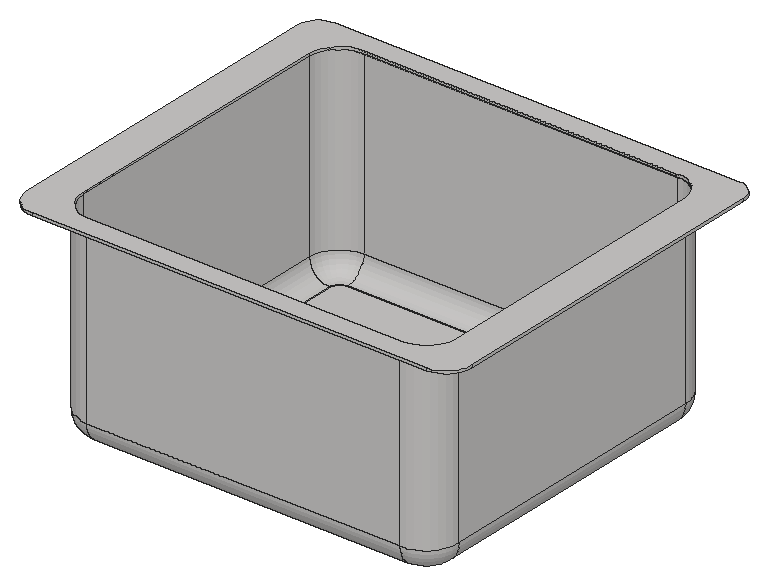
Revit family "QF_Vollrath_229-1", category Specialty Equipment, Revit 2016
Family settings
  Part Type = Normal
  Round Connector Dimension = Use Diameter
  OmniClass Number = 23.40.40.14.31
  OmniClass Title = Cleaning and Disposal Equipment
  Work Plane-Based = Yes
  Always vertical = Yes
  Cut with Voids When Loaded = No
  Shared = No
  Room Calculation Point = No
Parameters
  Width = 1' - 10"
  Weight in Pounds = 0
  Watermarked By = "http://revitwatermark.com"
  URL Cutsheet = ""
  Status [instance] = ""
  Specification by User [instance] = ""
  Specification by Manufacturer [instance] = ""
  Sink Width = 1' - 6 1/2"
  Sink Depth = 1' - 5"
  Sink Basin Depth = 0' - 10"
  Serial Number [instance] = ""
  Seismic Rating [instance] = ""
  SMACNA No [instance] = ""
  Revision Code [instance] = ""
  NAFEM Spec ID Number [instance] = ""
  Model = "229-1"
  Masterspec [instance] = ""
  Manufacturer = "Vollrath"
  Item Number [instance] = "-"
  Installed By [instance] = ""
  Indirect Waste Size = 2"
  Indirect Waste Flow [instance] = 0.00 GPM
  Indirect Waste Connection Type [instance] = ""
  Indirect Waste Connection Height [instance] = 0' - 0"
  Furnished By [instance] = ""
  Foodservice Equipment Identifier [instance] = yes
  Description = "Bar Sink"  # constant formula
  Depth = 1' - 7"
  Default Elevation = 4' - 0"
  CSI MasterFormat = ""
  Assembly Code = ""
Reference planes (in)
  plane 1 "BACK": y = 0
  plane 2 "BOTTOM": z = 0
  plane 3 "LEFT": x = 0
  plane 4 "RIGHT": x = 22
  plane 5 "FRONT": y = -19
  plane 6: x = 11
  plane 7: y = -9.5
  plane 8: y = -1
  plane 9: y = -18
  plane 10: x = 1.75
  plane 11: x = 20.25
  plane 12 "Sink Bottom": z = -10
Forms (in)
  Sweep 1, solid, material "QF_Finishes_Stainless Steel"
    path origin (0, 0, 0) x (1, 0, 0) y (0, 1, 0)
      loop
        arc (3.25, -1) -> (2.18934, -1.43934) -> (1.75, -2.5) r 1.5
        line (1.75, -2.5) -> (1.75, -16.5)
        arc (1.75, -16.5) -> (2.18934, -17.56066) -> (3.25, -18) r 1.5
        line (3.25, -18) -> (18.75, -18)
        arc (18.75, -18) -> (19.81066, -17.56066) -> (20.25, -16.5) r 1.5
        line (20.25, -16.5) -> (20.25, -2.5)
        arc (20.25, -2.5) -> (19.81066, -1.43934) -> (18.75, -1) r 1.5
        line (18.75, -1) -> (3.25, -1)
    profile origin (11, -1, 0) x (0, 1, 0) y (0, 0, 1)
      loop
        line (0, 0) -> (0, -8.875)
        arc (0, -8.875) -> (-0.29289, -9.58211) -> (-1, -9.875) r 1
        line (-1, -9.875) -> (-1, -10)
        arc (-1, -10) -> (-0.2045, -9.6705) -> (0.125, -8.875) r 1.125
        line (0.125, -8.875) -> (0.125, 0) -> (0, 0)
  Extrusion 2, solid, material "QF_Finishes_Stainless Steel"
    sketch origin (0, 0, 0) x (1, 0, 0) y (0, 1, 0)
      loop
        arc (1.75, -16.5) -> (2.18934, -17.56066) -> (3.25, -18) r 1.5
        line (3.25, -18) -> (18.75, -18)
        arc (18.75, -18) -> (19.81066, -17.56066) -> (20.25, -16.5) r 1.5
        line (20.25, -16.5) -> (20.25, -2.5)
        arc (20.25, -2.5) -> (19.81066, -1.43934) -> (18.75, -1) r 1.5
        line (18.75, -1) -> (3.25, -1)
        arc (3.25, -1) -> (2.18934, -1.43934) -> (1.75, -2.5) r 1.5
        line (1.75, -2.5) -> (1.75, -16.5)
      loop
        line (1.25, -19) -> (20.75, -19)
        arc (20.75, -19) -> (21.63388, -18.63388) -> (22, -17.75) r 1.25
        line (22, -17.75) -> (22, -1)
        arc (22, -1) -> (21.70711, -0.29289) -> (21, 0) r 1
        line (21, 0) -> (1, 0)
        arc (1, 0) -> (0.29289, -0.29289) -> (0, -1) r 1
        line (0, -1) -> (0, -17.75)
        arc (0, -17.75) -> (0.36612, -18.63388) -> (1.25, -19) r 1.25
    from 0 to 0.125
  Extrusion 3, solid, material "QF_Finishes_Stainless Steel"
    sketch origin (0, 0, -10) x (-1, 0, 0) y (0, -1, 0)
      loop
        line (-18.75, 2) -> (-3.25, 2)
        arc (-3.25, 2) -> (-2.89645, 2.14645) -> (-2.75, 2.5) r 0.5
        line (-2.75, 2.5) -> (-2.75, 16.5)
        arc (-2.75, 16.5) -> (-2.89645, 16.85355) -> (-3.25, 17) r 0.5
        line (-3.25, 17) -> (-18.75, 17)
        arc (-18.75, 17) -> (-19.10355, 16.85355) -> (-19.25, 16.5) r 0.5
        line (-19.25, 16.5) -> (-19.25, 2.5)
        arc (-19.25, 2.5) -> (-19.10355, 2.14645) -> (-18.75, 2) r 0.5
      loop
        circle (-11, 9.5) r 1
    from 0 to 0.125
Lines and regions (in)
  symbolic lines
    curve 1: line (20.75, -19, -10) -> (1.25, -19, -10)
    curve 2: arc (20.75, -19, -10) -> (21.63388, -18.63388, -10) -> (22, -17.75, -10) r 1.25
    curve 3: line (22, -1, -10) -> (22, -17.75, -10)
    curve 4: arc (22, -1, -10) -> (21.70711, -0.29289, -10) -> (21, 0, -10) r 1
    curve 5: line (1, 0, -10) -> (21, 0, -10)
    curve 6: arc (1, 0, -10) -> (0.29289, -0.29289, -10) -> (0, -1, -10) r 1
    curve 7: line (0, -17.75, -10) -> (0, -1, -10)
    curve 8: arc (0, -17.75, -10) -> (0.36612, -18.63388, -10) -> (1.25, -19, -10) r 1.25
  symbolic lines, style "QF_Surface Details"
    curve 9: circle (11, -9.5, -10) r 1 normal (0, 0, -1)
    curve 10: line (18.75, -1, -10) -> (3.25, -1, -10)
    curve 11: arc (1.75, -2.5, -10) -> (2.18934, -1.43934, -10) -> (3.25, -1, -10) r 1.5
    curve 12: line (1.75, -2.5, -10) -> (1.75, -16.5, -10)
    curve 13: arc (3.25, -18, -10) -> (2.18934, -17.56066, -10) -> (1.75, -16.5, -10) r 1.5
    curve 14: line (3.25, -18, -10) -> (18.75, -18, -10)
    curve 15: arc (20.25, -16.5, -10) -> (19.81066, -17.56066, -10) -> (18.75, -18, -10) r 1.5
    curve 16: line (20.25, -16.5, -10) -> (20.25, -2.5, -10)
    curve 17: arc (18.75, -1, -10) -> (19.81066, -1.43934, -10) -> (20.25, -2.5, -10) r 1.5
Dimensions and locks (in)
  "Width": plane 3 "LEFT" to plane 4 "RIGHT"
  "Depth": plane 5 "FRONT" to plane 1 "BACK"
  "Sink Depth": plane 8 to plane 9
  equal spacing: plane 3 "LEFT", plane 6, plane 4 "RIGHT"
  equal spacing: plane 10, plane 6, plane 11
  "Sink Width": plane 10 to plane 11
  "Sink Basin Depth": level to plane 12 "Sink Bottom"
  level to Sweep 1 sketch curve = 0' - 0"
  locked: Sweep 1 sketch curve to plane 8 at 0.125
  locked: plane 12 "Sink Bottom" to Sweep 1 sketch curve at 0.125
  equal spacing: plane 8, plane 7, plane 9
  equal spacing: plane 5 "FRONT", plane 7, plane 1 "BACK"
  plane 3 "LEFT" to plane 6 to plane 4 "RIGHT" = 0' - 11", 0' - 11"
  aligned and locked: level to plane 2 "BOTTOM"
  aligned and locked: Sweep 1 sketch curve to plane 8
  aligned and locked: plane 10 to Sweep 1 sketch curve
  aligned and locked: plane 9 to Sweep 1 sketch curve
  aligned and locked: Sweep 1 sketch curve to plane 11
  aligned and locked: plane 8 to Sweep 1 sketch curve
  aligned and locked: plane 12 "Sink Bottom" to Sweep 1 sketch curve
  aligned and locked: Extrusion 2 sketch curve to Sweep 1  (x4)
  aligned and locked: Extrusion 2 sketch curve to plane 3 "LEFT"
  aligned and locked: plane 5 "FRONT" to Extrusion 2 sketch curve
  aligned and locked: plane 4 "RIGHT" to Extrusion 2 sketch curve
  aligned and locked: Extrusion 2 sketch curve to plane 1 "BACK"
  aligned and locked: Extrusion 3 sketch curve to Sweep 1  (x4)
Automatic sketch dimensions
  plane 10 to Sweep 1 sketch curve = 0' - 1 1/2"  (x2)
  Sweep 1 sketch curve to plane 11 = 0' - 1 1/2"
  Sweep 1 sketch curve to plane 8 = 0' - 1 1/2"
  Sweep 1 sketch curve to Sweep 1 sketch curve = 0' - 1"
  Extrusion 3 sketch curve to plane 6 = 0' - 0"
  Extrusion 3 sketch curve to plane 7 = 0' - 0"
  Extrusion 3 sketch curve to Extrusion 3 sketch curve = 0' - 0 1/2"  (x4)
  Extrusion 2 sketch curve to plane 8 = 0' - 0"  (x2)
  Extrusion 2 sketch curve to plane 10 = 0' - 0 1/2"
  plane 10 to Extrusion 2 sketch curve = 0' - 1 1/2"
  Extrusion 2 sketch curve to plane 8 = 0' - 1 1/2"
  Extrusion 2 sketch curve to plane 11 = 0' - 1 1/2"
  Extrusion 2 sketch curve to Extrusion 2 sketch curve = 0' - 1 1/2"
  plane 11 to Extrusion 2 sketch curve = 0' - 0 1/2"
  curve 3 to plane 4 "RIGHT" = 0' - 0"
  plane 5 "FRONT" to curve 1 = 0' - 0"
  plane 1 "BACK" to curve 5 = 0' - 0"
  curve 4 to plane 8 = 0' - 0"
  curve 9 to plane 6 = 0' - 0"
  curve 6 to plane 8 = 0' - 0"
  curve 8 to plane 3 "LEFT" = 0' - 0"
  curve 9 to plane 7 = 0' - 0"
  plane 11 to curve 1 = 0' - 0 1/2"
  curve 1 to plane 10 = 0' - 0 1/2"
  curve 10 to plane 8 = 0' - 0"
  curve 11 to plane 10 = 0' - 0"
  plane 10 to curve 11 = 0' - 1 1/2"
  plane 9 to curve 12 = 0' - 1 1/2"
  curve 13 to plane 9 = 0' - 0"
  curve 14 to plane 11 = 0' - 1 1/2"
  curve 15 to plane 11 = 0' - 0"
  curve 16 to plane 8 = 0' - 1 1/2"
  radius of Extrusion 3 sketch curve = 0' - 1"
  radius of curve 9 = 0' - 1"
Connectors (in)
  piping at (11, -9.5, -10), diameter 2, driven by "Indirect Waste Flow"
    settings: on Extrusion 3, index 1, connector inside diameter 2", connector length 0' - 0", flow factor 0, pipe flow 0.00 GPM, pressure drop 0.00 psi, fitting loss kfactor 0, connector angle 0.00°, fixture units 0, engagement length 0' - 0", angle of deflection 0.00°, flow configuration 1, flow direction 2, fitting loss method 0, system type 16, joint type 0, gender type 0, connector reference index -1, connector utility 0, adjustable connector no, is connector primary yes, connector description "IW"
